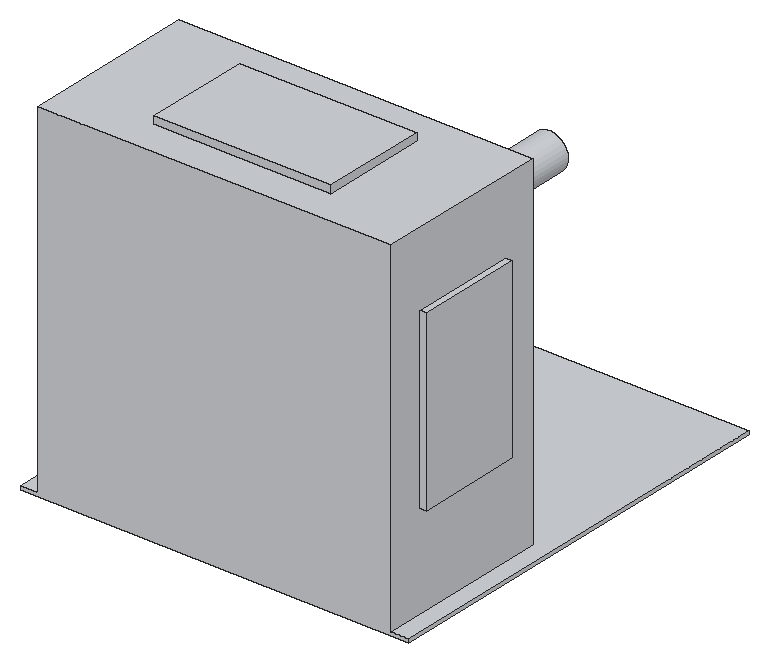
Revit family "b3c60b7be9924785a66f246968a22fcc", category Plumbing Fixtures, host Face, Revit 2021
Family settings
  Host = Face
  Round Connector Dimension = Use Radius
  Part Type = Normal
  OmniClass Number = 23.65.70.14.11
  OmniClass Title = Drinking Fountains/Coolers
  Seek Item ID = Drinking Fountain - Rectangular - Wall Mounted-0000-USA-ENU
  Cut with Voids When Loaded = No
  Shared = No
  Room Calculation Point = No
Parameters (values of type "Standard")
  Width 1 = (Fountain Width + 0' 1 3/16") / 2  # 0' - 6 19/32"
  Fountain Width = 1' - 0"
  WFU = 0.5
  Thickness = 0' - 6"
  Sink Material = none
  Fountain Length = 0' - 11 3/4"
  Half Fountain Width = Fountain Width / 2  # 0' - 6"
  HWFU = 0
  Flow Pressure [instance] = 8.00 psi
  Faucet Material = none
  Sanitary Radius = 5/8"
  Sanitary Diameter = Sanitary Radius * 2  # 1 1/4"
  Default Elevation = 3' - 0"
  Cold Water Radius = 3/16"
  Cold Water Diameter = Cold Water Radius * 2  # 3/8"
  CWFU = 0.25
  Button Material = none
Reference planes (in)
  plane 1 "Center (Front/Back)": y = 0
  plane 2 "Center (Elevation)": z = 0
  plane 3 "Center (Left/Right)": x = 0
  plane 4 "Wall Bottom": y = -6
  plane 5 "Wall Top": y = 8.40625
  plane 6 "Fountain Front": z = 11.875
  plane 7: z = 10.90625
  plane 8: z = 0.87306
  plane 9: z = 9.96875
  plane 10: y = -2.40625
  plane 11: x = 5.15642
  plane 12: z = 2.49806
  plane 13 "Center": z = 10.92188
  plane 14: y = 1.90625
  plane 15: y = -1.1875
  plane 16: y = -4.8125
  plane 17: x = -3
  plane 18: x = 3
  plane 19: z = 12.125
  plane 20: z = 9.375
  plane 21: z = 3.375
  plane 22: x = -6
  plane 23: x = 6
  plane 24: x = -6.59375
  plane 25: x = 6.59375
  plane 26: x = -6.25
  plane 27: x = 6.25
  plane 28: x = 5.03125
  plane 29: x = -5.03125
  plane 30: y = -3.59375
  plane 31: x = 4.09375
  plane 32: z = 0.125
  plane 33: x = 5.04688
  plane 34: x = -3.40625
  plane 35: y = -5
  plane 36: x = -4
  plane 37: x = 4
Forms (in)
  Extrusion 1, solid, material <- "Sink Material"
    sketch origin (0, 0, 0) x (1, 0, 0) y (0, 1, 0)
      loop
        line (-6.59375, 8.40625) -> (-6.59375, -6) -> (6.59375, -6) -> (6.59375, 8.40625) -> (-6.59375, 8.40625)
    from 0.125 to 0
  Extrusion 2, solid, material <- "Sink Material"
    sketch origin (0, 0, 0) x (1, 0, 0) y (0, 0, 1)
      loop
        line (6, 11.875) -> (-6, 11.875) -> (-6, 0.125) -> (6, 0.125) -> (6, 11.875)
      loop
        line (4.09375, 10.90625) -> (-5.03125, 10.90625) -> (-5.03125, 0.87306) -> (5.03125, 0.87306) -> (5.03125, 9.96875) -> (4.09375, 9.96875) -> (4.09375, 10.90625)
    from 0 to 6
  Extrusion 3, solid, material <- "Sink Material"
    sketch origin (0, 0, 0) x (0, 1, 0) y (0, 0, 1)
      loop
        line (-3.59375, 10.90625) -> (-6, 10.90625) -> (-6, 0.87306) -> (-3.59375, 0.87306) -> (-3.59375, 10.90625)
    from -5.03125 to 5.03125
  Extrusion 4, solid, material <- "Faucet Material", detail levels fine
    sketch origin (0, 0, 0) x (1, 0, 0) y (0, 0, 1)
      loop
        arc (5.48882, 10.47993) -> (5.48882, 11.36382) -> (4.60493, 11.36382) r 0.625
        line (4.60493, 11.36382) -> (5.48882, 10.47993)
    from -1.90625 to 0
  Extrusion 5, solid, material <- "Button Material", detail levels fine
    sketch origin (0, 0, 11.875) x (0, 1, 0) y (-1, 0, 0)
      loop
        line (-1.1875, 3) -> (-4.8125, 3) -> (-4.8125, -3) -> (-1.1875, -3) -> (-1.1875, 3)
    from 0 to 0.25
  Extrusion 6, solid, material <- "Button Material", detail levels fine
    sketch origin (0, 0, 0) x (0, 1, 0) y (0, 0, 1)
      loop
        line (-1.1875, 3.375) -> (-1.1875, 9.375) -> (-4.8125, 9.375) -> (-4.8125, 3.375) -> (-1.1875, 3.375)
    from -6 to -6.25
  Extrusion 7, solid, material <- "Button Material", detail levels fine
    sketch origin (0.44922, 0, 0) x (1, 0, 0) y (0, 0, 1)
      loop
        line (5.80078, 3.375) -> (5.80078, 9.375) -> (5.55078, 9.375) -> (5.55078, 3.375) -> (5.80078, 3.375)
    from 1.1875 to 4.8125
  Extrusion 8, solid, material <- "Sink Material"
    sketch origin (0, 0, 11.875) x (0, 1, 0) y (-1, 0, 0)
      loop
        circle (-5, 4) r 0.05
      loop
        circle (-3.59375, -4) r 0.05
    from -11.875 to -11.75
  Extrusion 9, solid, material <- "Sink Material"
    sketch origin (0, 0, 0) x (1, 0, 0) y (0, 0, 1)
      loop
        circle (-3.40625, 2.49806) r 0.5
    from 3.59375 to 5
Cuts and joins
  joined: Extrusion 1, Extrusion 2, Extrusion 3, Extrusion 8
  joined: Extrusion 5, Extrusion 6, Extrusion 7
Dimensions and locks (in)
  locked: plane 4 "Wall Bottom" to plane 1 "Center (Front/Back)" at 6
  locked: plane 5 "Wall Top" to plane 1 "Center (Front/Back)" at 8.40625
  locked: plane 7 to plane 6 "Fountain Front" at 0.96875
  locked: plane 9 to plane 6 "Fountain Front" at 1.90625
  locked: plane 1 "Center (Front/Back)" to plane 10 at 2.40625
  equal spacing: plane 9, plane 13 "Center", plane 6 "Fountain Front"
  locked: plane 14 to plane 1 "Center (Front/Back)" at 1.90625
  locked: plane 15 to plane 1 "Center (Front/Back)" at 1.1875
  plane 16 to plane 4 "Wall Bottom" = 0' - 1 3/16"
  equal spacing: plane 17, plane 3 "Center (Left/Right)", plane 18
  locked: plane 17 to plane 3 "Center (Left/Right)" at 3
  locked: plane 26 to plane 22 at 0.25
  equal spacing: plane 22, plane 3 "Center (Left/Right)", plane 23
  "Fountain Width": plane 22 to plane 23
  "Width 1": plane 24 to plane 3 "Center (Left/Right)"
  "Width 1": plane 3 "Center (Left/Right)" to plane 25
  locked: plane 23 to plane 27 at 0.25
  locked: plane 23 to plane 28 at 0.96875
  locked: plane 29 to plane 22 at 0.96875
  locked: plane 30 to plane 4 "Wall Bottom" at 2.40625
  locked: plane 23 to plane 31 at 1.90625
  locked: plane 6 "Fountain Front" to plane 19 at 0.25
  locked: plane 2 "Center (Elevation)" to plane 32 at 0.125
  "Fountain Length": plane 32 to plane 6 "Fountain Front"
  locked: plane 21 to plane 32 at 3.25
  locked: plane 20 to plane 21 at 6
  equal spacing: plane 23, plane 33, plane 31
  locked: plane 12 to plane 8 at 1.625
  plane 34 to plane 29 = 0' - 1 5/8"
  plane 35 to plane 4 "Wall Bottom" = 0' - 1"
  locked: plane 36 to plane 3 "Center (Left/Right)" at 4
  locked: plane 3 "Center (Left/Right)" to plane 37 at 4
  radius of Extrusion 4 sketch curve = 0' - 0 5/8"
  aligned and locked: plane 2 "Center (Elevation)" to host face
  aligned and locked: Extrusion 1 sketch curve to plane 5 "Wall Top"
  aligned and locked: plane 4 "Wall Bottom" to Extrusion 1 sketch curve
  aligned and locked: Extrusion 1 to level
  aligned and locked: Extrusion 2 to plane 1 "Center (Front/Back)"
  aligned and locked: Extrusion 2 to plane 4 "Wall Bottom"
  aligned and locked: plane 6 "Fountain Front" to Extrusion 2
  aligned and locked: Extrusion 2 to plane 7
  aligned and locked: Extrusion 2 to plane 9
  aligned and locked: plane 8 to Extrusion 2
  aligned and locked: plane 4 "Wall Bottom" to Extrusion 3 sketch curve
  aligned and locked: Extrusion 4 to plane 14
  aligned and locked: plane 1 "Center (Front/Back)" to Extrusion 4
  aligned and locked: plane 17 to Extrusion 5 sketch curve
  aligned and locked: Extrusion 5 sketch curve to plane 15
  aligned and locked: plane 16 to Extrusion 5 sketch curve
  aligned and locked: Extrusion 5 sketch curve to plane 18
  aligned and locked: plane 19 to Extrusion 5
  aligned and locked: Extrusion 5 to plane 6 "Fountain Front"
  aligned and locked: Extrusion 5 to plane 16
  aligned and locked: plane 15 to Extrusion 5
  aligned and locked: plane 15 to Extrusion 6 sketch curve
  aligned and locked: plane 16 to Extrusion 6 sketch curve
  aligned and locked: plane 20 to Extrusion 6 sketch curve
  aligned and locked: plane 20 to Extrusion 7 sketch curve
  aligned and locked: plane 15 to Extrusion 7
  aligned and locked: Extrusion 7 to plane 16
  aligned and locked: Extrusion 7 to plane 20
  aligned and locked: Extrusion 6 to plane 20
  aligned and locked: plane 18 to Extrusion 5
  aligned and locked: Extrusion 7 to plane 23
  aligned and locked: Extrusion 2 sketch curve to plane 23
  aligned and locked: plane 22 to Extrusion 2 sketch curve
  aligned and locked: plane 7 to Extrusion 2 sketch curve
  aligned and locked: Extrusion 2 sketch curve to plane 8
  aligned and locked: Extrusion 7 to plane 27
  aligned and locked: plane 28 to Extrusion 2 sketch curve
  aligned and locked: Extrusion 2 sketch curve to plane 29
  aligned and locked: Extrusion 6 to plane 26
  aligned and locked: plane 31 to Extrusion 2 sketch curve
  aligned and locked: plane 9 to Extrusion 2 sketch curve
  aligned and locked: plane 32 to Extrusion 2 sketch curve
  aligned and locked: Extrusion 1 to Extrusion 2
  aligned and locked: Extrusion 6 to plane 21
  aligned and locked: Extrusion 7 to plane 21
  aligned and locked: Extrusion 3 to plane 8
  aligned and locked: Extrusion 3 to Extrusion 2
  aligned and locked: Extrusion 3 to cut or joined group of Extrusion 1, Extrusion 2, Extrusion 3, Extrusion 8
  aligned and locked: Extrusion 6 to cut or joined group of Extrusion 1, Extrusion 2, Extrusion 3, Extrusion 8
  aligned and locked: plane 33 to Extrusion 4 sketch curve
  aligned and locked: plane 13 "Center" to Extrusion 4 sketch curve
  aligned and locked: cut or joined group of Extrusion 1, Extrusion 2, Extrusion 3, Extrusion 8 to plane 22
  aligned and locked: cut or joined group of Extrusion 1, Extrusion 2, Extrusion 3, Extrusion 8 to plane 7
  aligned and locked: cut or joined group of Extrusion 1, Extrusion 2, Extrusion 3, Extrusion 8 to plane 31
  aligned and locked: cut or joined group of Extrusion 1, Extrusion 2, Extrusion 3, Extrusion 8 to plane 9
  aligned and locked: cut or joined group of Extrusion 1, Extrusion 2, Extrusion 3, Extrusion 8 to plane 28
  aligned and locked: plane 8 to cut or joined group of Extrusion 1, Extrusion 2, Extrusion 3, Extrusion 8
  aligned and locked: plane 29 to cut or joined group of Extrusion 1, Extrusion 2, Extrusion 3, Extrusion 8
  aligned and locked: plane 37 to Extrusion 8 sketch curve
  aligned and locked: Extrusion 8 to level
  aligned and locked: cut or joined group of Extrusion 1, Extrusion 2, Extrusion 3, Extrusion 8 to Extrusion 8
  aligned and locked: plane 35 to Extrusion 8 sketch curve
  aligned and locked: plane 30 to Extrusion 8 sketch curve
  aligned and locked: plane 36 to Extrusion 8 sketch curve
  aligned and locked: plane 34 to Extrusion 9 sketch curve
  aligned and locked: plane 12 to Extrusion 9 sketch curve
  aligned and locked: cut or joined group of Extrusion 1, Extrusion 2, Extrusion 3, Extrusion 8 to Extrusion 9
  aligned and locked: Extrusion 9 to plane 35
Automatic sketch dimensions
  Extrusion 1 sketch curve to plane 24 = 0' - 0"
  Extrusion 1 sketch curve to plane 25 = 0' - 0"
  Extrusion 7 sketch curve to Extrusion 7 sketch curve = 0' - 0 1/4"
  Extrusion 3 sketch curve to plane 6 "Fountain Front" = 0' - 0 31/32"
  Extrusion 7 sketch curve to plane 23 = 0' - 0"
  Extrusion 2 sketch curve to plane 6 "Fountain Front" = 0' - 0"
  plane 32 to Extrusion 3 sketch curve = 0' - 0.74806"
  Extrusion 3 sketch curve to plane 30 = 0' - 0"
  Extrusion 6 sketch curve to plane 19 = 0' - 8 3/4"
  Extrusion 7 sketch curve to plane 19 = 0' - 8 3/4"
  Extrusion 4 sketch curve to plane 7 = 0' - 0.42632"
  Extrusion 4 sketch curve to Extrusion 4 sketch curve = 0' - 0.44194"
  host sketch curve to host sketch curve = 6' - 7.02393"
  host sketch curve to host sketch curve = 8' - 0"
  radius of Extrusion 8 sketch curve = 0' - 0.05"  (x2)
  radius of Extrusion 9 sketch curve = 0' - 0 1/2"
Connectors (in)
  piping at (4, -3.59375, 0), diameter 0.375, driven by "Cold Water Radius", driven by "CWFU", driven by "Flow Pressure"
    settings: on Extrusion 8, index 1, connector inside diameter 3/8", connector length 0' - 0", flow factor 0, pipe flow 0 GPM, pressure drop 8.00 psi, fitting loss kfactor 0, connector angle 0.00°, fixture units 0.25, engagement length 0' - 0", angle of deflection 0.00°, flow configuration 3, flow direction 1, fitting loss method 4, system type 20, joint type 0, gender type 0, connector reference index -1, connector utility 0, adjustable connector no, is connector primary yes, connector description "In"
  piping at (-4, -5, 0), diameter 1.25, driven by "WFU", driven by "Sanitary Radius"
    settings: on Extrusion 8, index 2, connector inside diameter 1 1/4", connector length 0' - 0", flow factor 0, pipe flow 0 GPM, pressure drop 0.00 psi, fitting loss kfactor 0, connector angle 0.00°, fixture units 0.5, engagement length 0' - 0", angle of deflection 0.00°, flow configuration 3, flow direction 2, fitting loss method 0, system type 16, joint type 0, gender type 0, connector reference index -1, connector utility 0, adjustable connector yes, is connector primary no, connector description "Out"
